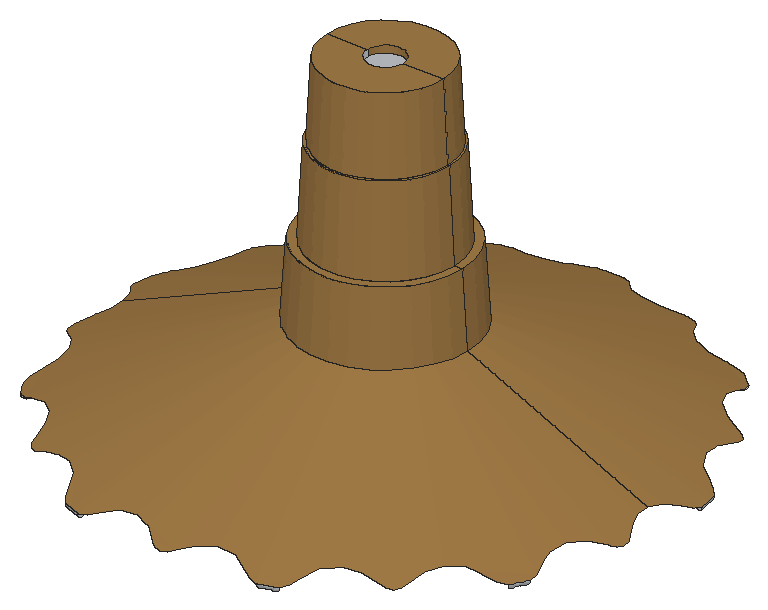
Revit family "R908 SHADE", category Lighting Fixtures, Revit 2024
Family settings
  Round Connector Dimension = Use Diameter
  Part Type = Normal
  OmniClass Number = 23.80.70.00
  OmniClass Title = Lighting
  Work Plane-Based = No
  Always vertical = Yes
  Cut with Voids When Loaded = No
  Light Source = Yes
  Maintain Annotation Orientation = No
  Shared = No
  Room Calculation Point = No
Parameters
  Wattage = 12.1178 W
  built-in parameter 1150110 = 1 (stored number, unit not read)
  built-in parameter 1114217 = 1 (stored number, unit not read)
  built-in parameter 1150109 = 1 (stored number, unit not read)
  built-in parameter 1150134 = (empty or 0)
  built-in parameter 1150113 = 1 (stored number, unit not read)
  Lumens = 1800 lm
  built-in parameter 1150115 = 1 (stored number, unit not read)
  built-in parameter 1150105 = 572.96 (stored number, unit not read)
  Light Source Symbol Size = 2' - 0"
  built-in parameter 1150137 = (empty or 0)
  built-in parameter 1150139 = (empty or 0)
  built-in parameter 1150112 = 1 (stored number, unit not read)
  built-in parameter 1150114 = 1 (stored number, unit not read)
  built-in parameter 1150132 = 2
  built-in parameter 1150102 = (empty or 0)
  built-in parameter 1150138 = (empty or 0)
  built-in parameter 1150107 = 3000 (stored number, unit not read)
  built-in parameter 1150106 = 5.7296 (stored number, unit not read)
  built-in parameter 1150104 = 13.8 (stored number, unit not read)
  Dimming Lamp Color Temperature Shift = (empty or 0)
  Default Elevation = 0' - 0"
  Color Filter = 16777215
  built-in parameter 1114218 = 1 (stored number, unit not read)
  built-in parameter 1150133 = 10 (stored number, unit not read)
Reference planes (in)
  plane 1 "Light Source Axis (F/B)": y = 0
  plane 2: z = 0
  plane 3 "Light Source Axis (L/R)": x = 0
  plane 4 "Light Source Elevation": z = 84
Forms (in)
  Revolve 1, solid
    sketch origin (0, 0, 0) x (1, 0, 0) y (0, 0, 1)
      loop
        line (-0.86673, 87.72413) -> (-0.90236, 87.72413) -> (-0.96641, 86.5019) -> (-1.084, 86.5019) -> (-1.15343, 85.50274) -> (-4.01103, 84.28976)
        arc (-4.01103, 84.28976) -> (-3.97817, 84.2342) -> (-3.91382, 84.22918) r 0.06997
        line (-3.91382, 84.22918) -> (-1.06388, 85.4389) -> (-0.99654, 86.40815) -> (-0.87745, 86.40815) -> (-0.80874, 87.71922) -> (-0.77311, 87.71922) -> (-0.72253, 88.68424) -> (-0.25, 88.68424) -> (-0.25, 88.77799) -> (-0.8115, 88.77799) -> (-0.86673, 87.72413)
      axis (0, 88.77799) -> (0, 84.22918)
    angle from 0 to 360
  Extrusion 2, void
    sketch origin (0, 0, 0) x (1, 0, 0) y (0, 0, 1)
      loop
        arc (0.15586, 84.35184) -> (0, 84.32112) -> (-0.15586, 84.35184) r 0.41067
        arc (-0.15586, 84.35184) -> (-0.58849, 84.43713) -> (-1.02112, 84.35184) r 1.13993
        arc (-1.02112, 84.35184) -> (-1.13498, 84.31341) -> (-1.25281, 84.28976) r 0.94337
        line (-1.25281, 84.28976) -> (-1.25281, 84) -> (1.25281, 84) -> (1.25281, 84.28976)
        arc (1.25281, 84.28976) -> (1.13498, 84.31341) -> (1.02112, 84.35184) r 0.94337
        arc (1.02112, 84.35184) -> (0.58849, 84.43713) -> (0.15586, 84.35184) r 1.13993
    from 0 to 12
  Extrusion 3, void
    sketch origin (0, 0, 0) x (0.766044, -0.642788, 0) y (0, 0, 1)
      loop
        arc (0.15586, 84.35184) -> (0, 84.32112) -> (-0.15586, 84.35184) r 0.41067
        arc (-0.15586, 84.35184) -> (-0.58849, 84.43713) -> (-1.02112, 84.35184) r 1.13993
        arc (-1.02112, 84.35184) -> (-1.13498, 84.31341) -> (-1.25281, 84.28976) r 0.94337
        line (-1.25281, 84.28976) -> (-1.25281, 84) -> (1.25281, 84) -> (1.25281, 84.28976)
        arc (1.25281, 84.28976) -> (1.13498, 84.31341) -> (1.02112, 84.35184) r 0.94337
        arc (1.02112, 84.35184) -> (0.58849, 84.43713) -> (0.15586, 84.35184) r 1.13993
    from 0 to 12
  Extrusion 4, void
    sketch origin (0, 0, 0) x (0.766044, 0.642788, 0) y (0, 0, 1)
      loop
        arc (0.15586, 84.35184) -> (0, 84.32112) -> (-0.15586, 84.35184) r 0.41067
        arc (-0.15586, 84.35184) -> (-0.58849, 84.43713) -> (-1.02112, 84.35184) r 1.13993
        arc (-1.02112, 84.35184) -> (-1.13498, 84.31341) -> (-1.25281, 84.28976) r 0.94337
        line (-1.25281, 84.28976) -> (-1.25281, 84) -> (1.25281, 84) -> (1.25281, 84.28976)
        arc (1.25281, 84.28976) -> (1.13498, 84.31341) -> (1.02112, 84.35184) r 0.94337
        arc (1.02112, 84.35184) -> (0.58849, 84.43713) -> (0.15586, 84.35184) r 1.13993
    from 0 to 12
  Extrusion 5, void
    sketch origin (0, 0, 0) x (0.173648, 0.984808, 0) y (0, 0, 1)
      loop
        arc (0.15586, 84.35184) -> (0, 84.32112) -> (-0.15586, 84.35184) r 0.41067
        arc (-0.15586, 84.35184) -> (-0.58849, 84.43713) -> (-1.02112, 84.35184) r 1.13993
        arc (-1.02112, 84.35184) -> (-1.13498, 84.31341) -> (-1.25281, 84.28976) r 0.94337
        line (-1.25281, 84.28976) -> (-1.25281, 84) -> (1.25281, 84) -> (1.25281, 84.28976)
        arc (1.25281, 84.28976) -> (1.13498, 84.31341) -> (1.02112, 84.35184) r 0.94337
        arc (1.02112, 84.35184) -> (0.58849, 84.43713) -> (0.15586, 84.35184) r 1.13993
    from 0 to 12
  Extrusion 6, void
    sketch origin (0, 0, 0) x (-0.5, 0.866025, 0) y (0, 0, 1)
      loop
        arc (0.15586, 84.35184) -> (0, 84.32112) -> (-0.15586, 84.35184) r 0.41067
        arc (-0.15586, 84.35184) -> (-0.58849, 84.43713) -> (-1.02112, 84.35184) r 1.13993
        arc (-1.02112, 84.35184) -> (-1.13498, 84.31341) -> (-1.25281, 84.28976) r 0.94337
        line (-1.25281, 84.28976) -> (-1.25281, 84) -> (1.25281, 84) -> (1.25281, 84.28976)
        arc (1.25281, 84.28976) -> (1.13498, 84.31341) -> (1.02112, 84.35184) r 0.94337
        arc (1.02112, 84.35184) -> (0.58849, 84.43713) -> (0.15586, 84.35184) r 1.13993
    from 0 to 12
  Extrusion 7, void
    sketch origin (0, 0, 0) x (-0.939693, 0.34202, 0) y (0, 0, 1)
      loop
        arc (0.15586, 84.35184) -> (0, 84.32112) -> (-0.15586, 84.35184) r 0.41067
        arc (-0.15586, 84.35184) -> (-0.58849, 84.43713) -> (-1.02112, 84.35184) r 1.13993
        arc (-1.02112, 84.35184) -> (-1.13498, 84.31341) -> (-1.25281, 84.28976) r 0.94337
        line (-1.25281, 84.28976) -> (-1.25281, 84) -> (1.25281, 84) -> (1.25281, 84.28976)
        arc (1.25281, 84.28976) -> (1.13498, 84.31341) -> (1.02112, 84.35184) r 0.94337
        arc (1.02112, 84.35184) -> (0.58849, 84.43713) -> (0.15586, 84.35184) r 1.13993
    from 0 to 12
  Extrusion 8, void
    sketch origin (0, 0, 0) x (-0.939693, -0.34202, 0) y (0, 0, 1)
      loop
        arc (0.15586, 84.35184) -> (0, 84.32112) -> (-0.15586, 84.35184) r 0.41067
        arc (-0.15586, 84.35184) -> (-0.58849, 84.43713) -> (-1.02112, 84.35184) r 1.13993
        arc (-1.02112, 84.35184) -> (-1.13498, 84.31341) -> (-1.25281, 84.28976) r 0.94337
        line (-1.25281, 84.28976) -> (-1.25281, 84) -> (1.25281, 84) -> (1.25281, 84.28976)
        arc (1.25281, 84.28976) -> (1.13498, 84.31341) -> (1.02112, 84.35184) r 0.94337
        arc (1.02112, 84.35184) -> (0.58849, 84.43713) -> (0.15586, 84.35184) r 1.13993
    from 0 to 12
  Extrusion 9, void
    sketch origin (0, 0, 0) x (-0.5, -0.866025, 0) y (0, 0, 1)
      loop
        arc (0.15586, 84.35184) -> (0, 84.32112) -> (-0.15586, 84.35184) r 0.41067
        arc (-0.15586, 84.35184) -> (-0.58849, 84.43713) -> (-1.02112, 84.35184) r 1.13993
        arc (-1.02112, 84.35184) -> (-1.13498, 84.31341) -> (-1.25281, 84.28976) r 0.94337
        line (-1.25281, 84.28976) -> (-1.25281, 84) -> (1.25281, 84) -> (1.25281, 84.28976)
        arc (1.25281, 84.28976) -> (1.13498, 84.31341) -> (1.02112, 84.35184) r 0.94337
        arc (1.02112, 84.35184) -> (0.58849, 84.43713) -> (0.15586, 84.35184) r 1.13993
    from 0 to 12
  Extrusion 10, void
    sketch origin (0, 0, 0) x (0.173648, -0.984808, 0) y (0, 0, 1)
      loop
        arc (0.15586, 84.35184) -> (0, 84.32112) -> (-0.15586, 84.35184) r 0.41067
        arc (-0.15586, 84.35184) -> (-0.58849, 84.43713) -> (-1.02112, 84.35184) r 1.13993
        arc (-1.02112, 84.35184) -> (-1.13498, 84.31341) -> (-1.25281, 84.28976) r 0.94337
        line (-1.25281, 84.28976) -> (-1.25281, 84) -> (1.25281, 84) -> (1.25281, 84.28976)
        arc (1.25281, 84.28976) -> (1.13498, 84.31341) -> (1.02112, 84.35184) r 0.94337
        arc (1.02112, 84.35184) -> (0.58849, 84.43713) -> (0.15586, 84.35184) r 1.13993
    from 0 to 12
Cuts and joins
  Extrusion 2, Extrusion 3, Extrusion 4, Extrusion 5, Extrusion 6, Extrusion 7, Extrusion 8, Extrusion 9, Extrusion 10 cuts Revolve 1
Dimensions and locks (in)
  aligned and locked: plane 3 "Light Source Axis (L/R)" to imposter light
  aligned and locked: plane 1 "Light Source Axis (F/B)" to imposter light
  aligned and locked: plane 4 "Light Source Elevation" to imposter light
  aligned and locked: level to plane 2
